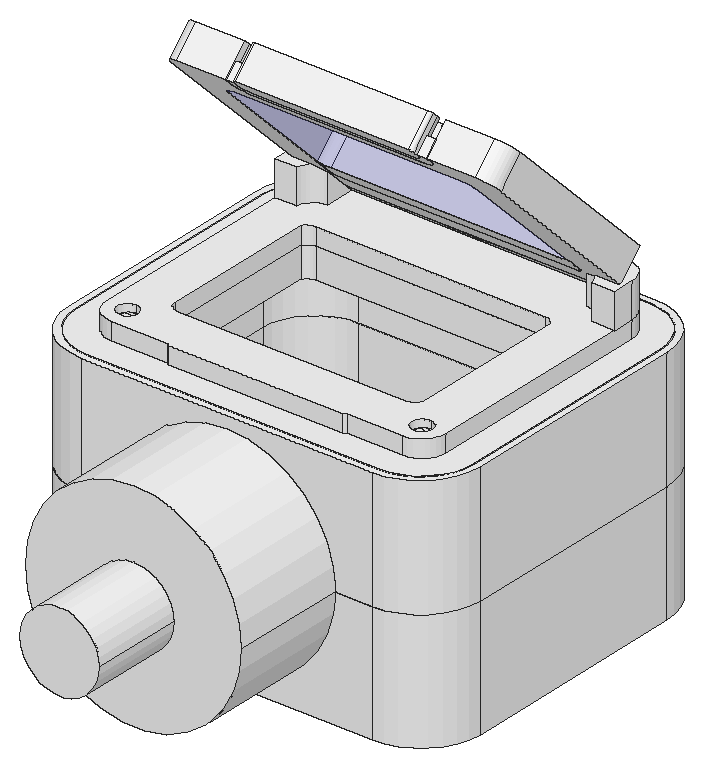
Revit family "Domotics-SerieCivili-GEWISS-27COMBI_SYSTEM-IP55_TESTA_PALO", category Apparecchi elettrici, host Superficie, Revit 2016
Family settings
  Host = Superficie
  Mantenere orientamento annotazione = No
  Tipo di parte = Normale
  Quota connettore circolare = Usa diametro
  Numero OmniClass = 23.80.30.14.24
  Titolo OmniClass = Junction Boxes
  Taglio con vuoti quando caricato = Sì
  Condiviso = No
  Punto di calcolo locali = No
Parameters (values of type "GW27056 - 3 posti - Testa palo")
  Viti coperchio = "Acciaio inox"
  Versione file RFA = "19.4"
  URL = "https://www.gewiss.com/it/it"
  Tipo portella = "Con membrana"
  Termopressione con biglia = "70 °C"
  Temperatura di installazione = "-25 +60 °C"
  Scheda Tecnica = "https://www.gewiss.com/it/it/search?q=GW27056"
  SPORTELLO APERTO [instance] = yes
  SEO = "Contenitore"
  Resistenza agli urti = "IK07"
  Produttore = "GEWISS S.p.A."
  Per pali Ã˜ = "54-60MM"
  Offset = 0 mm
  Norma di riferimento: = "EN 60670-1"
  N. moduli SYSTEM = "3 posti"
  N. fori aperti = "1"
  Modello = "GW27056"
  IFC.TypeObject = ""
  IFC.ExportType = ""
  IFC.ExportAs = ""
  Default Elevation = 1219.2 mm
  Immagine tipo = gw27056.jpg
  IDT = "95c7bd8d-86a8-4c38-ba26-845f677c2e43"
  IDF = "a400302d-f7e7-4da5-b7d5-d8016424dfc8"
  Grado di protezione = "IP55"
  Glow Wire Test = "650°C"
  Fissaggio = "Testa palo"
  Dim. esterne BxHxP (mm) = "122x149x85"
  Descrizione: = "3 posti"
  Descrizione = "CONT.3 POSTI STAGNO FISS.TESTA PALO"
  Creato da GEWISS S.p.A. = ""
  Coppia serraggio viti = "0,8NM"
  Colore portella = "Trasparente"
  Colore = "Grigio RAL 7035"
  Codice Electrocod = "0212"
  Codice EAN = "8011564055421"
  Classe isolamento = "II"
  Catalogo Serie = "27COMBI"
  Catalogo = "DOMOTICS"
  COBie.Tagnumber = ""
  COBie.CreatedOn = ""
  COBie.CreatebBy = ""
  COBie.ComponentRegisterItemID = ""
  COBie.Component.TagNumber = ""
  COBie.Component.Space = ""
  COBie.Component.SerialNumber = ""
  COBie.Component.InstallationDate = ""
  COBie.Component.Description = ""
  COBie.Component.BarCode = ""
Reference planes
  plane 1 "Centro (Fronte/Retro)": y = 0
  plane 2: z = 0
  plane 3 "Centro (Sinistra/Destra)": x = 0
  plane 4: z = 0
  plane 5: x = -60
  plane 6: x = 60
  plane 7: y = -51.5
  plane 8: y = 51.5
  plane 9: z = 66
Lines and regions (mm)
  Masking region 1
    outline origin (0, 0, 0) x (1, 0, 0) y (0, 0, 1)
      loop
        line (-60, 66) -> (-60, 0) -> (60, 0) -> (60, 66) -> (-60, 66)
  Masking region 2
    outline origin (0, 0, 0) x (0, 1, 0) y (0, 0, 1)
      loop
        line (-51.5, 66) -> (-51.5, 0) -> (51.5, 0) -> (51.5, 66) -> (-51.5, 66)
  Masking region 3
    outline origin (0, 0, 0) x (1, 0, 0) y (0, 1, 0)
      loop
        arc (60, 34) -> (54.874, 46.374) -> (42.5, 51.5) r 17.5
        line (42.5, 51.5) -> (-42.5, 51.5)
        arc (-42.5, 51.5) -> (-54.874, 46.374) -> (-60, 34) r 17.5
        line (-60, 34) -> (-60, -34)
        arc (-60, -34) -> (-54.874, -46.374) -> (-42.5, -51.5) r 17.5
        line (-42.5, -51.5) -> (42.5, -51.5)
        arc (42.5, -51.5) -> (54.874, -46.374) -> (60, -34) r 17.5
        line (60, -34) -> (60, 34)
      loop
        arc (56.306, 34.157) -> (52.271, 43.898) -> (42.529, 47.933) r 13.777
        line (42.529, 47.933) -> (-42.496, 47.933)
        arc (-42.496, 47.933) -> (-51.949, 44.221) -> (-56.35, 35.067) r 13.891
        line (-56.35, 35.067) -> (-56.35, -34)
        arc (-56.35, -34) -> (-52.293, -43.793) -> (-42.5, -47.85) r 13.85
        line (-42.5, -47.85) -> (42.5, -47.85)
        arc (42.5, -47.85) -> (52.675, -43.395) -> (56.306, -32.898) r 13.85
        line (56.306, -32.898) -> (56.306, 34.157)
      loop
        line (26.425, -40.831) -> (42.763, -40.831)
        arc (42.763, -40.831) -> (47.713, -38.781) -> (49.763, -33.831) r 7
        line (49.763, -33.831) -> (49.763, 34.169)
        arc (49.763, 34.169) -> (47.713, 39.118) -> (42.763, 41.169) r 7
        line (42.763, 41.169) -> (-42.237, 41.169)
        arc (-42.237, 41.169) -> (-47.186, 39.118) -> (-49.237, 34.169) r 7
        line (-49.237, 34.169) -> (-49.237, -33.831)
        arc (-49.237, -33.831) -> (-47.186, -38.781) -> (-42.237, -40.831) r 7
        line (-42.237, -40.831) -> (-25.898, -40.831)
        arc (-25.898, -40.831) -> (-25.533, -41.192) -> (-25.037, -41.324) r 1
        line (-25.037, -41.324) -> (25.563, -41.324)
        arc (25.563, -41.324) -> (26.06, -41.192) -> (26.425, -40.831) r 1
      loop
        circle (-17.337, -38.622) r 1
      loop
        circle (-8.537, -38.622) r 1
      loop
        circle (0.263, -38.622) r 1
      loop
        circle (9.063, -38.622) r 1
      loop
        circle (17.863, -38.622) r 1
      loop
        circle (43.263, -34.331) r 3
      loop
        circle (-42.737, -34.331) r 3
      loop
        circle (-42.737, 34.669) r 3
      loop
        circle (43.263, 34.669) r 3
      loop
        arc (-33.5, 30.169) -> (-35.621, 29.29) -> (-36.5, 27.169) r 3
        line (-36.5, 27.169) -> (-36.5, -24.831)
        arc (-36.5, -24.831) -> (-35.621, -26.953) -> (-33.5, -27.831) r 3
        line (-33.5, -27.831) -> (33.5, -27.831)
        arc (33.5, -27.831) -> (35.621, -26.953) -> (36.5, -24.831) r 3
        line (36.5, -24.831) -> (36.5, 27.169)
        arc (36.5, 27.169) -> (35.621, 29.29) -> (33.5, 30.169) r 3
        line (33.5, 30.169) -> (-33.5, 30.169)
      loop
        line (34.65, 19.669) -> (-34.65, 19.669) -> (-34.65, -25.331) -> (34.65, -25.331) -> (34.65, 19.669)
      loop
        line (11.59, -85.533) -> (-11.59, -85.533) -> (-11.59, -112.5) -> (11.59, -112.5) -> (11.59, -85.533)
  Masking region 4
    outline origin (0, 0, 0) x (1, 0, 0) y (0, 1, 0)
      loop
        line (42.529, 47.933) -> (-42.496, 47.933)
        arc (-42.496, 47.933) -> (-51.949, 44.221) -> (-56.35, 35.067) r 13.891
        line (-56.35, 35.067) -> (-56.35, -34)
        arc (-56.35, -34) -> (-52.293, -43.793) -> (-42.5, -47.85) r 13.85
        line (-42.5, -47.85) -> (42.5, -47.85)
        arc (42.5, -47.85) -> (52.675, -43.395) -> (56.306, -32.898) r 13.85
        line (56.306, -32.898) -> (56.306, 34.157)
        arc (56.306, 34.157) -> (52.271, 43.898) -> (42.529, 47.933) r 13.777
      loop
        line (42.763, 41.169) -> (-42.237, 41.169)
        arc (-42.237, 41.169) -> (-47.186, 39.118) -> (-49.237, 34.169) r 7
        line (-49.237, 34.169) -> (-49.237, -33.831)
        arc (-49.237, -33.831) -> (-47.186, -38.781) -> (-42.237, -40.831) r 7
        line (-42.237, -40.831) -> (-25.898, -40.831)
        arc (-25.898, -40.831) -> (-25.533, -41.192) -> (-25.037, -41.324) r 1
        line (-25.037, -41.324) -> (25.563, -41.324)
        arc (25.563, -41.324) -> (26.06, -41.192) -> (26.425, -40.831) r 1
        line (26.425, -40.831) -> (42.763, -40.831)
        arc (42.763, -40.831) -> (47.713, -38.781) -> (49.763, -33.831) r 7
        line (49.763, -33.831) -> (49.763, 34.169)
        arc (49.763, 34.169) -> (47.713, 39.118) -> (42.763, 41.169) r 7
  Masking region 5
    outline origin (0, 0, 0) x (1, 0, 0) y (0, 1, 0)
      loop
        line (-37.737, 41.169) -> (-42.237, 41.169)
        arc (-42.237, 41.169) -> (-47.186, 39.118) -> (-49.237, 34.169) r 7
        line (-49.237, 34.169) -> (-49.237, 27.637)
        arc (-49.237, 27.637) -> (-46.111, 27.71) -> (-42.986, 27.836) r 185.778
        arc (-42.986, 27.836) -> (-41.206, 31.123) -> (-37.737, 32.513) r 5.5
        line (-37.737, 32.513) -> (-37.737, 41.169)
      loop
        line (49.763, 27.16) -> (49.763, 34.169)
        arc (49.763, 34.169) -> (47.713, 39.118) -> (42.763, 41.169) r 7
        line (42.763, 41.169) -> (38.063, 41.169) -> (38.063, 32.217)
        arc (38.063, 32.217) -> (41.631, 30.811) -> (43.264, 27.342) r 5.2
        arc (43.264, 27.342) -> (46.513, 27.221) -> (49.763, 27.16) r 177.869
      loop
        circle (-42.737, 34.669) r 3
      loop
        circle (43.263, 34.669) r 3
      loop
        arc (-33.5, 30.169) -> (-35.621, 29.29) -> (-36.5, 27.169) r 3
        line (-36.5, 27.169) -> (-36.5, 20.971)
        arc (-36.5, 20.971) -> (-35.223, 22.215) -> (-33.5, 22.669) r 3.5
        line (-33.5, 22.669) -> (33.5, 22.669)
        arc (33.5, 22.669) -> (35.223, 22.215) -> (36.5, 20.971) r 3.5
        line (36.5, 20.971) -> (36.5, 27.169)
        arc (36.5, 27.169) -> (35.621, 29.29) -> (33.5, 30.169) r 3
        line (33.5, 30.169) -> (-33.5, 30.169)
  Masking region 6
    outline origin (0, 0, 0) x (1, 0, 0) y (0, 1, 0)
      loop
        arc (-23.037, -35.165) -> (-25.158, -36.044) -> (-26.037, -38.165) r 3
        line (-26.037, -38.165) -> (-26.037, -40.324)
        arc (-26.037, -40.324) -> (-25.744, -41.031) -> (-25.037, -41.324) r 1
        line (-25.037, -41.324) -> (25.563, -41.324)
        arc (25.563, -41.324) -> (26.271, -41.031) -> (26.563, -40.324) r 1
        line (26.563, -40.324) -> (26.563, -38.165)
        arc (26.563, -38.165) -> (25.685, -36.044) -> (23.563, -35.165) r 3
        line (23.563, -35.165) -> (-23.037, -35.165)
      loop
        circle (-17.337, -38.622) r 1
      loop
        circle (-8.537, -38.622) r 1
      loop
        circle (0.263, -38.622) r 1
      loop
        circle (9.063, -38.622) r 1
      loop
        circle (17.863, -38.622) r 1
      loop
        arc (-47.7, 27.667) -> (-48.468, 27.65) -> (-49.237, 27.637) r 185.778
        line (-49.237, 27.637) -> (-49.237, -33.831)
        arc (-49.237, -33.831) -> (-47.186, -38.781) -> (-42.237, -40.831) r 7
        line (-42.237, -40.831) -> (-29.037, -40.831) -> (-29.037, -39.2) -> (-38.5, -39.2)
        arc (-38.5, -39.2) -> (-39.207, -38.907) -> (-39.5, -38.2) r 1
        line (-39.5, -38.2) -> (-39.5, -34.5)
        arc (-39.5, -34.5) -> (-40.525, -32.025) -> (-43, -31) r 3.5
        line (-43, -31) -> (-46.7, -31)
        arc (-46.7, -31) -> (-47.407, -30.707) -> (-47.7, -30) r 1
        line (-47.7, -30) -> (-47.7, 27.667)
      loop
        line (29.563, -40.831) -> (42.763, -40.831)
        arc (42.763, -40.831) -> (47.713, -38.781) -> (49.763, -33.831) r 7
        line (49.763, -33.831) -> (49.763, 27.16)
        arc (49.763, 27.16) -> (48.732, 27.173) -> (47.7, 27.192) r 177.869
        line (47.7, 27.192) -> (47.7, -30)
        arc (47.7, -30) -> (47.407, -30.707) -> (46.7, -31) r 1
        line (46.7, -31) -> (43, -31)
        arc (43, -31) -> (40.525, -32.025) -> (39.5, -34.5) r 3.5
        line (39.5, -34.5) -> (39.5, -38.2)
        arc (39.5, -38.2) -> (39.207, -38.907) -> (38.5, -39.2) r 1
        line (38.5, -39.2) -> (29.563, -39.2) -> (29.563, -40.831)
      loop
        circle (-42.737, -34.331) r 3
      loop
        circle (43.263, -34.331) r 3
      loop
        line (38.063, 38.269) -> (38.063, 41.169) -> (-37.737, 41.169) -> (-37.737, 38.268)
        arc (-37.737, 38.268) -> (0.163, 39.169) -> (38.063, 38.269) r 798.156
  Masking region 7
    outline origin (0, 0, 0) x (1, 0, 0) y (0, 1, 0)
      loop
        line (-31.618, -85.533) -> (31.618, -85.533) -> (31.618, -51.5) -> (-31.618, -51.5) -> (-31.618, -85.533)
  Masking region 8
    outline origin (0, 0, 0) x (1, 0, 0) y (0, 1, 0)
      loop
        circle (-42.737, 34.669) r 3
      loop
        circle (43.263, 34.669) r 3
      loop
        circle (43.263, -34.331) r 3
      loop
        circle (-42.737, -34.331) r 3
      loop
        arc (33.5, -27.831) -> (35.621, -26.953) -> (36.5, -24.831) r 3
        line (36.5, -24.831) -> (36.5, 20.971)
        arc (36.5, 20.971) -> (35.223, 22.215) -> (33.5, 22.669) r 3.5
        line (33.5, 22.669) -> (-33.5, 22.669)
        arc (-33.5, 22.669) -> (-35.223, 22.215) -> (-36.5, 20.971) r 3.5
        line (-36.5, 20.971) -> (-36.5, -24.831)
        arc (-36.5, -24.831) -> (-35.621, -26.953) -> (-33.5, -27.831) r 3
        line (-33.5, -27.831) -> (33.5, -27.831)
      loop
        line (-34.65, -25.331) -> (34.65, -25.331) -> (34.65, 19.669) -> (-34.65, 19.669) -> (-34.65, -25.331)
      loop
        circle (-17.337, -38.622) r 1
      loop
        circle (-8.537, -38.622) r 1
      loop
        circle (0.263, -38.622) r 1
      loop
        circle (9.063, -38.622) r 1
      loop
        circle (17.863, -38.622) r 1
Dimensions and locks
  "Offset": plane 4 to host face
  locked: plane 9 to plane 4 at 66
  aligned and locked: plane 2 to host face
  aligned and locked: level to host face
  aligned and locked: plane 3 "Centro (Sinistra/Destra)" to nested 1
  aligned and locked: plane 1 "Centro (Fronte/Retro)" to nested 1
  aligned and locked: Masking region 1 sketch curve to plane 9
  aligned and locked: plane 5 to Masking region 1 sketch curve
  aligned and locked: Masking region 1 sketch curve to nested 1
  aligned and locked: Masking region 2 sketch curve to plane 9
  aligned and locked: plane 7 to Masking region 2 sketch curve
  aligned and locked: Masking region 2 sketch curve to nested 1
  aligned and locked: plane 4 to Masking region 2 sketch curve
  aligned and locked: plane 4 to Masking region 1 sketch curve
Automatic sketch dimensions
  host sketch curve to host sketch curve = 2438.4 mm  (x2)
  plane 5 to Masking region 4 sketch curve = 3.65 mm
  Masking region 4 sketch curve to Masking region 4 sketch curve = 7.113 mm
  plane 7 to Masking region 4 sketch curve = 3.65 mm
  Masking region 4 sketch curve to Masking region 4 sketch curve = 6.737 mm
  Masking region 4 sketch curve to Masking region 4 sketch curve = 6.741 mm
  Masking region 4 sketch curve to Masking region 4 sketch curve = 0.263 mm  (x2)
  Masking region 4 sketch curve to Masking region 4 sketch curve = 0.259 mm
  plane 7 to Masking region 4 sketch curve = 10.669 mm
  Masking region 4 sketch curve to Masking region 4 sketch curve = 16.338 mm
  Masking region 4 sketch curve to Masking region 4 sketch curve = 0.862 mm  (x2)
  plane 3 "Centro (Sinistra/Destra)" to Masking region 4 sketch curve = 25.563 mm
  Masking region 4 sketch curve to Masking region 4 sketch curve = 16.075 mm
  Masking region 4 sketch curve to plane 8 = 3.567 mm
  Masking region 4 sketch curve to plane 6 = 17.471 mm
  Masking region 4 sketch curve to Masking region 4 sketch curve = 0.235 mm
  Masking region 4 sketch curve to Masking region 4 sketch curve = 7 mm
  Masking region 4 sketch curve to plane 6 = 3.694 mm
  plane 7 to Masking region 4 sketch curve = 10.176 mm
  Masking region 4 sketch curve to Masking region 4 sketch curve = 7.018 mm
  Masking region 4 sketch curve to Masking region 4 sketch curve = 0.169 mm
  Masking region 4 sketch curve to Masking region 4 sketch curve = 13.891 mm
  Masking region 4 sketch curve to Masking region 4 sketch curve = 0.127 mm
  plane 5 to Masking region 5 sketch curve = 7.985 mm
  plane 5 to Masking region 5 sketch curve = 10.763 mm
  Masking region 5 sketch curve to Masking region 5 sketch curve = 6.5 mm  (x2)
  Masking region 5 sketch curve to Masking region 5 sketch curve = 0.5 mm  (x4)
  Masking region 5 sketch curve to Masking region 5 sketch curve = 4.5 mm
  Masking region 5 sketch curve to Masking region 5 sketch curve = 0.189 mm
  Masking region 5 sketch curve to Masking region 5 sketch curve = 1.048 mm
  Masking region 5 sketch curve to Masking region 5 sketch curve = 3 mm  (x4)
  Masking region 5 sketch curve to Masking region 5 sketch curve = 0 mm
  Masking region 5 sketch curve to Masking region 5 sketch curve = 4.563 mm
  Masking region 5 sketch curve to Masking region 5 sketch curve = 1.575 mm
  Masking region 5 sketch curve to Masking region 5 sketch curve = 4.7 mm
  Masking region 5 sketch curve to plane 6 = 8.494 mm
  Masking region 5 sketch curve to plane 1 "Centro (Fronte/Retro)" = 19.169 mm  (x2)
  Masking region 5 sketch curve to Masking region 5 sketch curve = 1.803 mm
  Masking region 5 sketch curve to Masking region 5 sketch curve = 6.045 mm
  Masking region 5 sketch curve to Masking region 5 sketch curve = 4.348 mm
  Masking region 5 sketch curve to Masking region 5 sketch curve = 0.143 mm
  Masking region 5 sketch curve to Masking region 5 sketch curve = 0.152 mm
  Masking region 5 sketch curve to Masking region 5 sketch curve = 0.621 mm
  Masking region 5 sketch curve to Masking region 5 sketch curve = 2.048 mm
  Masking region 5 sketch curve to Masking region 5 sketch curve = 2.345 mm
  Masking region 5 sketch curve to Masking region 5 sketch curve = 1.952 mm
  Masking region 5 sketch curve to Masking region 5 sketch curve = 1.655 mm
  plane 8 to Masking region 5 sketch curve = 153.52 mm
  Masking region 5 sketch curve to Masking region 5 sketch curve = 8.374 mm
  Masking region 6 sketch curve to Masking region 6 sketch curve = 0 mm  (x6)
  plane 5 to Masking region 6 sketch curve = 7.985 mm
  plane 5 to Masking region 6 sketch curve = 10.763 mm
  Masking region 6 sketch curve to Masking region 6 sketch curve = 1.537 mm
  Masking region 6 sketch curve to Masking region 6 sketch curve = 1 mm  (x7)
  Masking region 6 sketch curve to Masking region 6 sketch curve = 3.7 mm  (x4)
  Masking region 6 sketch curve to Masking region 6 sketch curve = 0.263 mm  (x2)
  Masking region 6 sketch curve to Masking region 6 sketch curve = 0.763 mm
  Masking region 6 sketch curve to Masking region 6 sketch curve = 2.737 mm  (x2)
  Masking region 6 sketch curve to Masking region 6 sketch curve = 9.963 mm
  Masking region 6 sketch curve to Masking region 6 sketch curve = 9.463 mm
  Masking region 6 sketch curve to Masking region 6 sketch curve = 3 mm  (x3)
  Masking region 6 sketch curve to Masking region 6 sketch curve = 5.7 mm  (x2)
  Masking region 6 sketch curve to plane 3 "Centro (Sinistra/Destra)" = 8.537 mm
  plane 3 "Centro (Sinistra/Destra)" to Masking region 6 sketch curve = 0.17 mm
  plane 3 "Centro (Sinistra/Destra)" to Masking region 6 sketch curve = 0.263 mm
  Masking region 6 sketch curve to Masking region 6 sketch curve = 8.8 mm  (x2)
  Masking region 6 sketch curve to Masking region 6 sketch curve = 2 mm
  Masking region 6 sketch curve to plane 8 = 10.331 mm
  Masking region 6 sketch curve to plane 6 = 21.937 mm
  Masking region 6 sketch curve to Masking region 6 sketch curve = 8.937 mm
  Masking region 6 sketch curve to Masking region 6 sketch curve = 3.263 mm
  Masking region 6 sketch curve to Masking region 6 sketch curve = 0.237 mm
  Masking region 6 sketch curve to Masking region 6 sketch curve = 3.063 mm
  Masking region 6 sketch curve to plane 6 = 8.494 mm
  Masking region 6 sketch curve to Masking region 6 sketch curve = 2.9 mm
  Masking region 6 sketch curve to Masking region 6 sketch curve = 10.601 mm
  Masking region 6 sketch curve to Masking region 6 sketch curve = 0.029 mm
  Masking region 6 sketch curve to Masking region 6 sketch curve = 11.077 mm
  Masking region 6 sketch curve to Masking region 6 sketch curve = 0.032 mm
  plane 7 to Masking region 6 sketch curve = 21.5 mm  (x2)
  Masking region 6 sketch curve to Masking region 6 sketch curve = 0.669 mm
  Masking region 6 sketch curve to Masking region 6 sketch curve = 2.831 mm
  Masking region 6 sketch curve to Masking region 6 sketch curve = 0.169 mm  (x2)
  Masking region 6 sketch curve to Masking region 6 sketch curve = 5.666 mm
  plane 7 to Masking region 6 sketch curve = 12.878 mm
  Masking region 6 sketch curve to Masking region 6 sketch curve = 0.457 mm  (x2)
  Masking region 6 sketch curve to Masking region 6 sketch curve = 2.158 mm
  Masking region 6 sketch curve to plane 7 = 707.488 mm
  Masking region 3 sketch curve to Masking region 3 sketch curve = 0 mm  (x6)
  Masking region 3 sketch curve to plane 5 = 0 mm
  Masking region 3 sketch curve to plane 7 = 0 mm
  Masking region 3 sketch curve to plane 6 = 0 mm
  plane 5 to Masking region 3 sketch curve = 3.65 mm
  Masking region 3 sketch curve to Masking region 3 sketch curve = 7.113 mm
  Masking region 3 sketch curve to Masking region 3 sketch curve = 6.5 mm  (x3)
  Masking region 3 sketch curve to Masking region 3 sketch curve = 0.237 mm  (x2)
  Masking region 3 sketch curve to plane 8 = 0 mm
  Masking region 3 sketch curve to Masking region 3 sketch curve = 0.004 mm
  Masking region 3 sketch curve to Masking region 3 sketch curve = 0.259 mm
  Masking region 3 sketch curve to Masking region 3 sketch curve = 0.5 mm  (x6)
  Masking region 3 sketch curve to Masking region 3 sketch curve = 5.737 mm
  Masking region 3 sketch curve to Masking region 3 sketch curve = 1.85 mm
  Masking region 3 sketch curve to Masking region 3 sketch curve = 3 mm  (x2)
  Masking region 3 sketch curve to Masking region 3 sketch curve = 1.15 mm  (x2)
  Masking region 3 sketch curve to Masking region 3 sketch curve = 7.602 mm
  Masking region 3 sketch curve to Masking region 3 sketch curve = 0.862 mm  (x2)
  Masking region 3 sketch curve to Masking region 3 sketch curve = 7.7 mm  (x2)
  Masking region 3 sketch curve to plane 3 "Centro (Sinistra/Destra)" = 11.59 mm
  Masking region 3 sketch curve to plane 3 "Centro (Sinistra/Destra)" = 8.537 mm
  plane 3 "Centro (Sinistra/Destra)" to Masking region 3 sketch curve = 0.263 mm
  Masking region 3 sketch curve to Masking region 3 sketch curve = 8.8 mm  (x2)
  plane 3 "Centro (Sinistra/Destra)" to Masking region 3 sketch curve = 11.59 mm
  Masking region 3 sketch curve to Masking region 3 sketch curve = 7.937 mm
  Masking region 3 sketch curve to plane 6 = 26.5 mm
  Masking region 3 sketch curve to Masking region 3 sketch curve = 9 mm
  Masking region 3 sketch curve to plane 6 = 17.5 mm
  Masking region 3 sketch curve to Masking region 3 sketch curve = 0.029 mm
  Masking region 3 sketch curve to Masking region 3 sketch curve = 0.235 mm
  Masking region 3 sketch curve to Masking region 3 sketch curve = 0.263 mm
  Masking region 3 sketch curve to plane 6 = 3.694 mm
  Masking region 3 sketch curve to plane 7 = 61 mm
  Masking region 3 sketch curve to Masking region 3 sketch curve = 3.65 mm
  plane 7 to Masking region 3 sketch curve = 10.176 mm
  Masking region 3 sketch curve to Masking region 3 sketch curve = 6.831 mm
  Masking region 3 sketch curve to Masking region 3 sketch curve = 0.492 mm
  Masking region 3 sketch curve to Masking region 3 sketch curve = 1.701 mm  (x2)
  Masking region 3 sketch curve to Masking region 3 sketch curve = 0.331 mm
  Masking region 3 sketch curve to Masking region 3 sketch curve = 6 mm
  Masking region 3 sketch curve to Masking region 3 sketch curve = 14.331 mm
  Masking region 3 sketch curve to Masking region 3 sketch curve = 7.5 mm
  Masking region 3 sketch curve to Masking region 3 sketch curve = 0.042 mm
  Masking region 3 sketch curve to Masking region 3 sketch curve = 0.157 mm
  Masking region 3 sketch curve to Masking region 3 sketch curve = 0.169 mm
  Masking region 3 sketch curve to Masking region 3 sketch curve = 0.627 mm
  Masking region 3 sketch curve to Masking region 3 sketch curve = 26.967 mm
  Masking region 7 sketch curve to plane 7 = 0 mm
  plane 5 to Masking region 7 sketch curve = 28.382 mm
  Masking region 7 sketch curve to plane 6 = 28.382 mm
  Masking region 7 sketch curve to Masking region 7 sketch curve = 34.033 mm
  Masking region 5 sketch curve to plane 6 = 26.5 mm
  plane 5 to Masking region 8 sketch curve = 17.263 mm  (x2)
  Masking region 8 sketch curve to plane 8 = 16.831 mm  (x2)
  Masking region 8 sketch curve to Masking region 8 sketch curve = 3 mm  (x6)
  Masking region 8 sketch curve to plane 6 = 16.737 mm  (x2)
  plane 7 to Masking region 8 sketch curve = 17.169 mm  (x2)
  Masking region 8 sketch curve to Masking region 8 sketch curve = 3.237 mm
  Masking region 8 sketch curve to Masking region 8 sketch curve = 6.763 mm
  Masking region 8 sketch curve to Masking region 8 sketch curve = 6.5 mm
  Masking region 8 sketch curve to Masking region 8 sketch curve = 13.697 mm
  Masking region 8 sketch curve to Masking region 8 sketch curve = 1.15 mm  (x3)
  Masking region 8 sketch curve to Masking region 8 sketch curve = 0.5 mm  (x3)
  Masking region 8 sketch curve to Masking region 8 sketch curve = 1.85 mm
  Masking region 8 sketch curve to Masking region 8 sketch curve = 1.803 mm
  Masking region 8 sketch curve to plane 3 "Centro (Sinistra/Destra)" = 17.337 mm
  plane 7 to Masking region 8 sketch curve = 12.878 mm
  Masking region 8 sketch curve to Masking region 8 sketch curve = 1 mm  (x4)
  Masking region 8 sketch curve to Masking region 8 sketch curve = 7.8 mm  (x3)
  Masking region 8 sketch curve to Masking region 8 sketch curve = 0 mm  (x6)
  plane 3 "Centro (Sinistra/Destra)" to Masking region 8 sketch curve = 0.263 mm
  Masking region 8 sketch curve to plane 3 "Centro (Sinistra/Destra)" = 0.737 mm
  radius of Masking region 5 sketch curve = 3 mm
  radius of Masking region 6 sketch curve = 1 mm  (x4)
  radius of Masking region 6 sketch curve = 3 mm
  radius of Masking region 3 sketch curve = 1 mm  (x5)
  radius of Masking region 3 sketch curve = 3 mm  (x4)
Nested families
  nested 1: "SYSTEM CONTENITORI IP55 3P TESTAPALO_BASE" at (0, 0, 0), Sportello aperto <- "SPORTELLO APERTO", type "SYSTEM CONTENITORI IP55 3P TESTAPALO_BASE"
    with Sportello chiuso no, Sportello aperto yes
Definition of nested family "SYSTEM CONTENITORI IP55 3P TESTAPALO_BASE"
  Parameters (values of type "SYSTEM CONTENITORI IP55 3P TESTAPALO_BASE")
    VETRO = none
    Sportello chiuso [instance] = not(Sportello aperto)  # no
    Sportello aperto [instance] = yes
    SCATOLA = none
    Profondità scatola = 85 mm
    Larghezza scatola = 120 mm
    Altezza scatola = 103 mm
    ACCIAIO = none
  Reference planes
    plane 1 "Centro (Fronte/Retro)": y = 0
    plane 2: z = 0
    plane 3 "Centro (Sinistra/Destra)": x = 0
    plane 4: x = -60
    plane 5: x = 60
    plane 6: y = 51.5
    plane 7: y = -51.5
    plane 8: z = 35
    plane 9: z = 75
    plane 10 "1": y = 34.669
    plane 11 "PIANO BIDIMENSIONALE": z = 70
    plane 12: z = 73
  Forms (mm)
    Extrusion 1, solid, material <- "SCATOLA", detail levels medium+fine
      sketch origin (0, 0, 85) x (0, -1, 0) y (1, 0, 0)
        loop
          line (-51.5, 42.5) -> (-51.5, -42.5)
          arc (-51.5, -42.5) -> (-46.374, -54.874) -> (-34, -60) r 17.5
          line (-34, -60) -> (34, -60)
          arc (34, -60) -> (46.374, -54.874) -> (51.5, -42.5) r 17.5
          line (51.5, -42.5) -> (51.5, 42.5)
          arc (51.5, 42.5) -> (46.374, 54.874) -> (34, 60) r 17.5
          line (34, 60) -> (-34, 60)
          arc (-34, 60) -> (-46.374, 54.874) -> (-51.5, 42.5) r 17.5
        loop
          line (-49.5, 42.5) -> (-49.5, -42.5)
          arc (-49.5, -42.5) -> (-44.96, -53.46) -> (-34, -58) r 15.5
          line (-34, -58) -> (34, -58)
          arc (34, -58) -> (44.96, -53.46) -> (49.5, -42.5) r 15.5
          line (49.5, -42.5) -> (49.5, 42.5)
          arc (49.5, 42.5) -> (44.96, 53.46) -> (34, 58) r 15.5
          line (34, 58) -> (-34, 58)
          arc (-34, 58) -> (-44.96, 53.46) -> (-49.5, 42.5) r 15.5
      from -85 to -50
    Extrusion 2, solid, material <- "SCATOLA", detail levels medium+fine
      sketch origin (0, 0, 85) x (0, -1, 0) y (1, 0, 0)
        loop
          arc (-49.5, -42.5) -> (-44.96, -53.46) -> (-34, -58) r 15.5
          line (-34, -58) -> (34, -58)
          arc (34, -58) -> (44.96, -53.46) -> (49.5, -42.5) r 15.5
          line (49.5, -42.5) -> (49.5, 42.5)
          arc (49.5, 42.5) -> (44.96, 53.46) -> (34, 58) r 15.5
          line (34, 58) -> (-34, 58)
          arc (-34, 58) -> (-44.96, 53.46) -> (-49.5, 42.5) r 15.5
          line (-49.5, 42.5) -> (-49.5, -42.5)
      from -85 to -83
    Extrusion 3, solid, material <- "SCATOLA", detail levels medium+fine
      sketch origin (0, 0, 85) x (0, -1, 0) y (1, 0, 0)
        loop
          line (-51.5, 42.5) -> (-51.5, -42.5)
          arc (-51.5, -42.5) -> (-46.374, -54.874) -> (-34, -60) r 17.5
          line (-34, -60) -> (34, -60)
          arc (34, -60) -> (46.374, -54.874) -> (51.5, -42.5) r 17.5
          line (51.5, -42.5) -> (51.5, 42.5)
          arc (51.5, 42.5) -> (46.374, 54.874) -> (34, 60) r 17.5
          line (34, 60) -> (-34, 60)
          arc (-34, 60) -> (-46.374, 54.874) -> (-51.5, 42.5) r 17.5
        loop
          line (-49.5, 42.5) -> (-49.5, -42.5)
          arc (-49.5, -42.5) -> (-44.96, -53.46) -> (-34, -58) r 15.5
          line (-34, -58) -> (34, -58)
          arc (34, -58) -> (44.96, -53.46) -> (49.5, -42.5) r 15.5
          line (49.5, -42.5) -> (49.5, 42.5)
          arc (49.5, 42.5) -> (44.96, 53.46) -> (34, 58) r 15.5
          line (34, 58) -> (-34, 58)
          arc (-34, 58) -> (-44.96, 53.46) -> (-49.5, 42.5) r 15.5
      from -50 to -15
    Extrusion 4, solid, material <- "SCATOLA", detail levels medium+fine
      sketch origin (0, 0, 85) x (0, -1, 0) y (1, 0, 0)
        loop
          line (40.831, -42.237) -> (40.831, -25.898)
          arc (40.831, -25.898) -> (41.192, -25.533) -> (41.324, -25.037) r 1
          line (41.324, -25.037) -> (41.324, 25.563)
          arc (41.324, 25.563) -> (41.192, 26.06) -> (40.831, 26.425) r 1
          line (40.831, 26.425) -> (40.831, 42.763)
          arc (40.831, 42.763) -> (38.781, 47.713) -> (33.831, 49.763) r 7
          line (33.831, 49.763) -> (-34.169, 49.763)
          arc (-34.169, 49.763) -> (-39.118, 47.713) -> (-41.169, 42.763) r 7
          line (-41.169, 42.763) -> (-41.169, -42.237)
          arc (-41.169, -42.237) -> (-39.118, -47.186) -> (-34.169, -49.237) r 7
          line (-34.169, -49.237) -> (33.831, -49.237)
          arc (33.831, -49.237) -> (38.781, -47.186) -> (40.831, -42.237) r 7
        loop
          circle (-34.669, -42.737) r 3
        loop
          circle (-34.669, 42.737) r 3
        loop
          circle (34.331, -42.737) r 3
        loop
          circle (34.331, 43.263) r 3
        loop
          arc (-22.669, -33.5) -> (-22.215, -35.223) -> (-20.971, -36.5) r 3.5
          line (-20.971, -36.5) -> (24.831, -36.5)
          arc (24.831, -36.5) -> (26.953, -35.621) -> (27.831, -33.5) r 3
          line (27.831, -33.5) -> (27.831, 33.5)
          arc (27.831, 33.5) -> (26.953, 35.621) -> (24.831, 36.5) r 3
          line (24.831, 36.5) -> (-20.971, 36.5)
          arc (-20.971, 36.5) -> (-22.215, 35.223) -> (-22.669, 33.5) r 3.5
          line (-22.669, 33.5) -> (-22.669, -33.5)
      from -15 to -10
    Extrusion 5, solid, material <- "SCATOLA", visible <- "Sportello chiuso", detail levels medium+fine
      sketch origin (0, 0, 85) x (0, -1, 0) y (1, 0, 0)
        loop
          arc (34.465, -47.7) -> (37.514, -46.322) -> (39.2, -43.432) r 5.5
          line (39.2, -43.432) -> (39.2, -29.037) -> (37.188, -29.037)
          arc (37.188, -29.037) -> (34.006, -27.719) -> (32.688, -24.537) r 4.5
          line (32.688, -24.537) -> (32.688, 25.063)
          arc (32.688, 25.063) -> (34.006, 28.245) -> (37.188, 29.563) r 4.5
          line (37.188, 29.563) -> (39.2, 29.563) -> (39.2, 43.958)
          arc (39.2, 43.958) -> (37.272, 47.054) -> (33.831, 48.263) r 5.5
          line (33.831, 48.263) -> (-27.654, 48.263)
          arc (-27.654, 48.263) -> (-27.726, 45.624) -> (-27.836, 42.986) r 185.778
          arc (-27.836, 42.986) -> (-31.123, 41.206) -> (-32.513, 37.737) r 5.5
          line (-32.513, 37.737) -> (-38.284, 37.737)
          arc (-38.284, 37.737) -> (-39.169, 0) -> (-38.268, -37.737) r 798.156
          line (-38.268, -37.737) -> (-32.513, -37.737)
          arc (-32.513, -37.737) -> (-31.123, -41.206) -> (-27.836, -42.986) r 5.5
          arc (-27.836, -42.986) -> (-27.736, -45.343) -> (-27.667, -47.7) r 185.778
          line (-27.667, -47.7) -> (34.465, -47.7)
        loop
          arc (24.831, -36.5) -> (26.953, -35.621) -> (27.831, -33.5) r 3
          line (27.831, -33.5) -> (27.831, 33.5)
          arc (27.831, 33.5) -> (26.953, 35.621) -> (24.831, 36.5) r 3
          line (24.831, 36.5) -> (-27.169, 36.5)
          arc (-27.169, 36.5) -> (-29.29, 35.621) -> (-30.169, 33.5) r 3
          line (-30.169, 33.5) -> (-30.169, -33.5)
          arc (-30.169, -33.5) -> (-29.29, -35.621) -> (-27.169, -36.5) r 3
          line (-27.169, -36.5) -> (24.831, -36.5)
      from -10 to 0
    Extrusion 6, solid, material <- "SCATOLA", visible <- "Sportello chiuso", detail levels medium+fine
      sketch origin (0, 0, 85) x (0, -1, 0) y (1, 0, 0)
        loop
          line (-22.669, -33.5) -> (-22.669, 33.5)
          arc (-22.669, 33.5) -> (-22.215, 35.223) -> (-20.971, 36.5) r 3.5
          line (-20.971, 36.5) -> (-27.169, 36.5)
          arc (-27.169, 36.5) -> (-29.29, 35.621) -> (-30.169, 33.5) r 3
          line (-30.169, 33.5) -> (-30.169, -33.5)
          arc (-30.169, -33.5) -> (-29.29, -35.621) -> (-27.169, -36.5) r 3
          line (-27.169, -36.5) -> (-20.971, -36.5)
          arc (-20.971, -36.5) -> (-22.215, -35.223) -> (-22.669, -33.5) r 3.5
      from -10 to -0.5
    Extrusion 7, solid, material <- "VETRO", visible <- "Sportello chiuso", detail levels medium+fine
      sketch origin (0, 0, 85) x (0, -1, 0) y (1, 0, 0)
        loop
          arc (-22.669, -33.5) -> (-22.215, -35.223) -> (-20.971, -36.5) r 3.5
          line (-20.971, -36.5) -> (24.831, -36.5)
          arc (24.831, -36.5) -> (26.953, -35.621) -> (27.831, -33.5) r 3
          line (27.831, -33.5) -> (27.831, 33.5)
          arc (27.831, 33.5) -> (26.953, 35.621) -> (24.831, 36.5) r 3
          line (24.831, 36.5) -> (-20.971, 36.5)
          arc (-20.971, 36.5) -> (-22.215, 35.223) -> (-22.669, 33.5) r 3.5
          line (-22.669, 33.5) -> (-22.669, -33.5)
      from -10 to 0
    Revolve 8, solid, material <- "ACCIAIO", detail levels medium+fine
      sketch origin (0, 34.669, -1) x (1, 0, 0) y (0, 0, 1)
        loop
          line (-44.978, 84) -> (-42.737, 84) -> (-42.737, 85)
          arc (-42.737, 85) -> (-43.965, 84.742) -> (-44.978, 84) r 2.974
        axis (-42.737, 85) -> (-42.737, 84)
      angle from 0 to 360
    Extrusion 9, solid, material <- "SCATOLA", detail levels medium+fine
      sketch origin (0, 0, 85) x (0, -1, 0) y (1, 0, 0)
        loop
          circle (-34.669, -42.737) r 3
      from -15 to -2
    Revolve 10, solid, material <- "ACCIAIO", detail levels medium+fine
      sketch origin (0, 34.669, -1) x (-1, 0, 0) y (0, 0, 1)
        loop
          line (-44.978, 84) -> (-42.737, 84) -> (-42.737, 85)
          arc (-42.737, 85) -> (-43.965, 84.742) -> (-44.978, 84) r 2.974
        axis (-42.737, 85) -> (-42.737, 84)
      angle from 0 to 360
    Extrusion 11, solid, material <- "SCATOLA", detail levels medium+fine
      sketch origin (0, 0, 85) x (0, -1, 0) y (1, 0, 0)
        loop
          circle (-34.669, 42.737) r 3
      from -15 to -2
    Extrusion 12, solid, material <- "SCATOLA", detail levels medium+fine
      sketch origin (0, 0.337, 85) x (0, 1, 0) y (-1, 0, 0)
        loop
          circle (-34.669, 42.737) r 3
      from -15 to -12
    Extrusion 13, solid, material <- "SCATOLA", detail levels medium+fine
      sketch origin (0.937, 0.337, 85) x (0, 1, 0) y (-1, 0, 0)
        loop
          circle (-34.669, -42.327) r 3
      from -15 to -12
    Extrusion 14, solid, visible <- "Sportello chiuso", detail levels medium+fine
      sketch origin (0, 0, 85) x (0, -1, 0) y (1, 0, 0)
        loop
          arc (35.165, -23.037) -> (36.044, -25.158) -> (38.165, -26.037) r 3
          line (38.165, -26.037) -> (40.324, -26.037)
          arc (40.324, -26.037) -> (41.031, -25.744) -> (41.324, -25.037) r 1
          line (41.324, -25.037) -> (41.324, 25.563)
          arc (41.324, 25.563) -> (41.031, 26.271) -> (40.324, 26.563) r 1
          line (40.324, 26.563) -> (38.165, 26.563)
          arc (38.165, 26.563) -> (36.044, 25.685) -> (35.165, 23.563) r 3
          line (35.165, 23.563) -> (35.165, -23.037)
      from -10 to 0
    Extrusion 15, solid, detail levels medium+fine
      sketch origin (0, 0, 85) x (0, -1, 0) y (1, 0, 0)
        loop
          arc (-32.513, 37.737) -> (-31.123, 41.206) -> (-27.836, 42.986) r 5.5
          arc (-27.836, 42.986) -> (-27.702, 46.374) -> (-27.63, 49.763) r 185.778
          line (-27.63, 49.763) -> (-34.169, 49.763)
          arc (-34.169, 49.763) -> (-39.118, 47.713) -> (-41.169, 42.763) r 7
          line (-41.169, 42.763) -> (-41.169, 37.737) -> (-32.513, 37.737)
        loop
          arc (-41.169, -42.237) -> (-39.118, -47.186) -> (-34.169, -49.237) r 7
          line (-34.169, -49.237) -> (-27.637, -49.237)
          arc (-27.637, -49.237) -> (-27.71, -46.111) -> (-27.836, -42.986) r 185.778
          arc (-27.836, -42.986) -> (-31.123, -41.206) -> (-32.513, -37.737) r 5.5
          line (-32.513, -37.737) -> (-41.169, -37.737) -> (-41.169, -42.237)
        loop
          circle (-34.669, -42.737) r 3
        loop
          circle (-34.669, 42.737) r 3
      from -10 to 0
    SweptBlend 16, solid, material <- "SCATOLA", visible <- "Sportello chiuso", detail levels medium+fine
      path in 3D
        loop
          line (37.737, 41.169, 75) -> (0, 41.169, 75)
      profile origin (37.737, 41.169, 75) x (0, -1, 0) y (0, 0, 1)
        loop
          line (0, 0) -> (2.885, 0) -> (2.885, 10)
          arc (2.885, 10) -> (0.773, 7.886) -> (0, 5) r 5.776
          line (0, 5) -> (0, 0)
      end profile origin (0, 41.169, 75) x (0, -1, 0) y (0, 0, 1)
        loop
          line (0, 0) -> (2, 0) -> (2, 10)
          arc (2, 10) -> (0.519, 7.693) -> (0, 5) r 7.25
          line (0, 5) -> (0, 0)
    SweptBlend 17, solid, material <- "SCATOLA", visible <- "Sportello chiuso", detail levels medium+fine
      path in 3D
        loop
          line (-37.737, 41.169, 75) -> (0, 41.169, 75)
      profile origin (-37.737, 41.169, 75) x (0, 1, 0) y (0, 0, 1)
        loop
          line (0, 0) -> (0, 5)
          arc (0, 5) -> (-0.773, 7.886) -> (-2.885, 10) r 5.776
          line (-2.885, 10) -> (-2.885, 0) -> (0, 0)
      end profile origin (0, 41.169, 75) x (0, 1, 0) y (0, 0, 1)
        loop
          line (0, 0) -> (0, 5)
          arc (0, 5) -> (-0.519, 7.693) -> (-2, 10) r 7.25
          line (-2, 10) -> (-2, 0) -> (0, 0)
    Extrusion 18, solid, visible <- "Sportello chiuso", detail levels medium+fine
      sketch origin (0, 0, 85) x (0, -1, 0) y (1, 0, 0)
        loop
          line (39.2, -29.037) -> (39.2, 29.563) -> (37.188, 29.563)
          arc (37.188, 29.563) -> (34.006, 28.245) -> (32.688, 25.063) r 4.5
          line (32.688, 25.063) -> (32.688, -24.537)
          arc (32.688, -24.537) -> (34.006, -27.719) -> (37.188, -29.037) r 4.5
          line (37.188, -29.037) -> (39.2, -29.037)
      from -10 to -5
    Extrusion 19, solid, material <- "SCATOLA", visible <- "Sportello chiuso", not visible, detail levels medium+fine
      sketch origin (0, 0, 85) x (0, -1, 0) y (1, 0, 0)
        loop
          arc (34.465, -47.7) -> (37.514, -46.322) -> (39.2, -43.432) r 5.5
          line (39.2, -43.432) -> (39.2, -29.037) -> (37.188, -29.037)
          arc (37.188, -29.037) -> (34.006, -27.719) -> (32.688, -24.537) r 4.5
          line (32.688, -24.537) -> (32.688, 25.063)
          arc (32.688, 25.063) -> (34.006, 28.245) -> (37.188, 29.563) r 4.5
          line (37.188, 29.563) -> (39.2, 29.563) -> (39.2, 43.958)
          arc (39.2, 43.958) -> (37.272, 47.054) -> (33.831, 48.263) r 5.5
          line (33.831, 48.263) -> (-27.654, 48.263)
          arc (-27.654, 48.263) -> (-27.726, 45.624) -> (-27.836, 42.986) r 185.778
          arc (-27.836, 42.986) -> (-31.123, 41.206) -> (-32.513, 37.737) r 5.5
          line (-32.513, 37.737) -> (-38.284, 37.737)
          arc (-38.284, 37.737) -> (-39.169, 0) -> (-38.268, -37.737) r 798.156
          line (-38.268, -37.737) -> (-32.513, -37.737)
          arc (-32.513, -37.737) -> (-31.123, -41.206) -> (-27.836, -42.986) r 5.5
          arc (-27.836, -42.986) -> (-27.736, -45.343) -> (-27.667, -47.7) r 185.778
          line (-27.667, -47.7) -> (34.465, -47.7)
        loop
          arc (24.831, -36.5) -> (26.953, -35.621) -> (27.831, -33.5) r 3
          line (27.831, -33.5) -> (27.831, 33.5)
          arc (27.831, 33.5) -> (26.953, 35.621) -> (24.831, 36.5) r 3
          line (24.831, 36.5) -> (-27.169, 36.5)
          arc (-27.169, 36.5) -> (-29.29, 35.621) -> (-30.169, 33.5) r 3
          line (-30.169, 33.5) -> (-30.169, -33.5)
          arc (-30.169, -33.5) -> (-29.29, -35.621) -> (-27.169, -36.5) r 3
          line (-27.169, -36.5) -> (24.831, -36.5)
      from -10 to 0
    Extrusion 20, solid, material <- "SCATOLA", visible <- "Sportello chiuso", not visible, detail levels medium+fine
      sketch origin (0, 0, 85) x (0, -1, 0) y (1, 0, 0)
        loop
          line (-22.669, -33.5) -> (-22.669, 33.5)
          arc (-22.669, 33.5) -> (-22.215, 35.223) -> (-20.971, 36.5) r 3.5
          line (-20.971, 36.5) -> (-27.169, 36.5)
          arc (-27.169, 36.5) -> (-29.29, 35.621) -> (-30.169, 33.5) r 3
          line (-30.169, 33.5) -> (-30.169, -33.5)
          arc (-30.169, -33.5) -> (-29.29, -35.621) -> (-27.169, -36.5) r 3
          line (-27.169, -36.5) -> (-20.971, -36.5)
          arc (-20.971, -36.5) -> (-22.215, -35.223) -> (-22.669, -33.5) r 3.5
      from -10 to -0.5
    Extrusion 21, solid, material <- "VETRO", visible <- "Sportello chiuso", not visible, detail levels medium+fine
      sketch origin (0, 0, 85) x (0, -1, 0) y (1, 0, 0)
        loop
          arc (-22.669, -33.5) -> (-22.215, -35.223) -> (-20.971, -36.5) r 3.5
          line (-20.971, -36.5) -> (24.831, -36.5)
          arc (24.831, -36.5) -> (26.953, -35.621) -> (27.831, -33.5) r 3
          line (27.831, -33.5) -> (27.831, 33.5)
          arc (27.831, 33.5) -> (26.953, 35.621) -> (24.831, 36.5) r 3
          line (24.831, 36.5) -> (-20.971, 36.5)
          arc (-20.971, 36.5) -> (-22.215, 35.223) -> (-22.669, 33.5) r 3.5
          line (-22.669, 33.5) -> (-22.669, -33.5)
      from -10 to 0
    Extrusion 22, solid, visible <- "Sportello chiuso", not visible, detail levels medium+fine
      sketch origin (0, 0, 85) x (0, -1, 0) y (1, 0, 0)
        loop
          arc (35.165, -23.037) -> (36.044, -25.158) -> (38.165, -26.037) r 3
          line (38.165, -26.037) -> (40.324, -26.037)
          arc (40.324, -26.037) -> (41.031, -25.744) -> (41.324, -25.037) r 1
          line (41.324, -25.037) -> (41.324, 25.563)
          arc (41.324, 25.563) -> (41.031, 26.271) -> (40.324, 26.563) r 1
          line (40.324, 26.563) -> (38.165, 26.563)
          arc (38.165, 26.563) -> (36.044, 25.685) -> (35.165, 23.563) r 3
          line (35.165, 23.563) -> (35.165, -23.037)
      from -10 to 0
    SweptBlend 23, solid, material <- "SCATOLA", visible <- "Sportello chiuso", not visible, detail levels medium+fine
      path in 3D
        loop
          line (37.737, 41.169, 75) -> (0, 41.169, 75)
      profile origin (37.737, 41.169, 75) x (0, -1, 0) y (0, 0, 1)
        loop
          line (0, 0) -> (2.885, 0) -> (2.885, 10)
          arc (2.885, 10) -> (0.773, 7.886) -> (0, 5) r 5.776
          line (0, 5) -> (0, 0)
      end profile origin (0, 41.169, 75) x (0, -1, 0) y (0, 0, 1)
        loop
          line (0, 0) -> (2, 0) -> (2, 10)
          arc (2, 10) -> (0.519, 7.693) -> (0, 5) r 7.25
          line (0, 5) -> (0, 0)
    SweptBlend 24, solid, material <- "SCATOLA", visible <- "Sportello chiuso", not visible, detail levels medium+fine
      path in 3D
        loop
          line (-37.737, 41.169, 75) -> (0, 41.169, 75)
      profile origin (-37.737, 41.169, 75) x (0, 1, 0) y (0, 0, 1)
        loop
          line (0, 0) -> (0, 5)
          arc (0, 5) -> (-0.773, 7.886) -> (-2.885, 10) r 5.776
          line (-2.885, 10) -> (-2.885, 0) -> (0, 0)
      end profile origin (0, 41.169, 75) x (0, 1, 0) y (0, 0, 1)
        loop
          line (0, 0) -> (0, 5)
          arc (0, 5) -> (-0.519, 7.693) -> (-2, 10) r 7.25
          line (-2, 10) -> (-2, 0) -> (0, 0)
    Extrusion 25, solid, visible <- "Sportello chiuso", not visible, detail levels medium+fine
      sketch origin (0, 0, 85) x (0, -1, 0) y (1, 0, 0)
        loop
          line (39.2, -29.037) -> (39.2, 29.563) -> (37.188, 29.563)
          arc (37.188, 29.563) -> (34.006, 28.245) -> (32.688, 25.063) r 4.5
          line (32.688, 25.063) -> (32.688, -24.537)
          arc (32.688, -24.537) -> (34.006, -27.719) -> (37.188, -29.037) r 4.5
          line (37.188, -29.037) -> (39.2, -29.037)
      from -10 to -5
    Extrusion 26, solid, material <- "SCATOLA", visible <- "Sportello aperto", detail levels medium+fine
      sketch origin (0, 19.129, 111.182) x (0, -0.707107, 0.707107) y (1, 0, 0)
        loop
          arc (34.465, -47.7) -> (37.514, -46.322) -> (39.2, -43.432) r 5.5
          line (39.2, -43.432) -> (39.2, -29.037) -> (37.188, -29.037)
          arc (37.188, -29.037) -> (34.006, -27.719) -> (32.688, -24.537) r 4.5
          line (32.688, -24.537) -> (32.688, 25.063)
          arc (32.688, 25.063) -> (34.006, 28.245) -> (37.188, 29.563) r 4.5
          line (37.188, 29.563) -> (39.2, 29.563) -> (39.2, 43.958)
          arc (39.2, 43.958) -> (37.272, 47.054) -> (33.831, 48.263) r 5.5
          line (33.831, 48.263) -> (-27.654, 48.263)
          arc (-27.654, 48.263) -> (-27.726, 45.624) -> (-27.836, 42.986) r 185.778
          arc (-27.836, 42.986) -> (-31.123, 41.206) -> (-32.513, 37.737) r 5.5
          line (-32.513, 37.737) -> (-38.284, 37.737)
          arc (-38.284, 37.737) -> (-39.169, 0) -> (-38.268, -37.737) r 798.156
          line (-38.268, -37.737) -> (-32.513, -37.737)
          arc (-32.513, -37.737) -> (-31.123, -41.206) -> (-27.836, -42.986) r 5.5
          arc (-27.836, -42.986) -> (-27.736, -45.343) -> (-27.667, -47.7) r 185.778
          line (-27.667, -47.7) -> (34.465, -47.7)
        loop
          arc (24.831, -36.5) -> (26.953, -35.621) -> (27.831, -33.5) r 3
          line (27.831, -33.5) -> (27.831, 33.5)
          arc (27.831, 33.5) -> (26.953, 35.621) -> (24.831, 36.5) r 3
          line (24.831, 36.5) -> (-27.169, 36.5)
          arc (-27.169, 36.5) -> (-29.29, 35.621) -> (-30.169, 33.5) r 3
          line (-30.169, 33.5) -> (-30.169, -33.5)
          arc (-30.169, -33.5) -> (-29.29, -35.621) -> (-27.169, -36.5) r 3
          line (-27.169, -36.5) -> (24.831, -36.5)
      from -10 to 0
    Extrusion 27, solid, material <- "SCATOLA", visible <- "Sportello aperto", detail levels medium+fine
      sketch origin (0, 19.129, 111.182) x (0, -0.707107, 0.707107) y (1, 0, 0)
        loop
          line (-22.669, -33.5) -> (-22.669, 33.5)
          arc (-22.669, 33.5) -> (-22.215, 35.223) -> (-20.971, 36.5) r 3.5
          line (-20.971, 36.5) -> (-27.169, 36.5)
          arc (-27.169, 36.5) -> (-29.29, 35.621) -> (-30.169, 33.5) r 3
          line (-30.169, 33.5) -> (-30.169, -33.5)
          arc (-30.169, -33.5) -> (-29.29, -35.621) -> (-27.169, -36.5) r 3
          line (-27.169, -36.5) -> (-20.971, -36.5)
          arc (-20.971, -36.5) -> (-22.215, -35.223) -> (-22.669, -33.5) r 3.5
      from -10 to -0.5
    Extrusion 28, solid, material <- "VETRO", visible <- "Sportello aperto", detail levels medium+fine
      sketch origin (0, 19.129, 111.182) x (0, -0.707107, 0.707107) y (1, 0, 0)
        loop
          arc (-22.669, -33.5) -> (-22.215, -35.223) -> (-20.971, -36.5) r 3.5
          line (-20.971, -36.5) -> (24.831, -36.5)
          arc (24.831, -36.5) -> (26.953, -35.621) -> (27.831, -33.5) r 3
          line (27.831, -33.5) -> (27.831, 33.5)
          arc (27.831, 33.5) -> (26.953, 35.621) -> (24.831, 36.5) r 3
          line (24.831, 36.5) -> (-20.971, 36.5)
          arc (-20.971, 36.5) -> (-22.215, 35.223) -> (-22.669, 33.5) r 3.5
          line (-22.669, 33.5) -> (-22.669, -33.5)
      from -10 to 0
    Extrusion 29, solid, visible <- "Sportello aperto", detail levels medium+fine
      sketch origin (0, 19.129, 111.182) x (0, -0.707107, 0.707107) y (1, 0, 0)
        loop
          arc (35.165, -23.037) -> (36.044, -25.158) -> (38.165, -26.037) r 3
          line (38.165, -26.037) -> (40.324, -26.037)
          arc (40.324, -26.037) -> (41.031, -25.744) -> (41.324, -25.037) r 1
          line (41.324, -25.037) -> (41.324, 25.563)
          arc (41.324, 25.563) -> (41.031, 26.271) -> (40.324, 26.563) r 1
          line (40.324, 26.563) -> (38.165, 26.563)
          arc (38.165, 26.563) -> (36.044, 25.685) -> (35.165, 23.563) r 3
          line (35.165, 23.563) -> (35.165, -23.037)
      from -10 to 0
    SweptBlend 30, solid, material <- "SCATOLA", visible <- "Sportello aperto", detail levels medium+fine
      path in 3D
        loop
          line (37.737, 41.169, 75) -> (0, 41.169, 75)
      profile origin (37.737, 41.169, 75) x (0, -1, 0) y (0, 0, 1)
        loop
          line (0, 0) -> (2.04, 2.04) -> (-5.031, 9.111)
          arc (-5.031, 9.111) -> (-5.03, 6.123) -> (-3.536, 3.536) r 5.776
          line (-3.536, 3.536) -> (0, 0)
      end profile origin (0, 41.169, 75) x (0, -1, 0) y (0, 0, 1)
        loop
          line (0, 0) -> (1.414, 1.414) -> (-5.657, 8.485)
          arc (-5.657, 8.485) -> (-5.073, 5.806) -> (-3.536, 3.536) r 7.25
          line (-3.536, 3.536) -> (0, 0)
    SweptBlend 31, solid, material <- "SCATOLA", visible <- "Sportello aperto", detail levels medium+fine
      path in 3D
        loop
          line (-37.737, 41.169, 75) -> (0, 41.169, 75)
      profile origin (-37.737, 41.169, 75) x (0, 1, 0) y (0, 0, 1)
        loop
          line (0, 0) -> (3.536, 3.536)
          arc (3.536, 3.536) -> (5.03, 6.123) -> (5.031, 9.111) r 5.776
          line (5.031, 9.111) -> (-2.04, 2.04) -> (0, 0)
      end profile origin (0, 41.169, 75) x (0, 1, 0) y (0, 0, 1)
        loop
          line (0, 0) -> (3.536, 3.536)
          arc (3.536, 3.536) -> (5.073, 5.806) -> (5.657, 8.485) r 7.25
          line (5.657, 8.485) -> (-1.414, 1.414) -> (0, 0)
    Extrusion 32, solid, visible <- "Sportello aperto", detail levels medium+fine
      sketch origin (0, 19.129, 111.182) x (0, -0.707107, 0.707107) y (1, 0, 0)
        loop
          line (39.2, -29.037) -> (39.2, 29.563) -> (37.188, 29.563)
          arc (37.188, 29.563) -> (34.006, 28.245) -> (32.688, 25.063) r 4.5
          line (32.688, 25.063) -> (32.688, -24.537)
          arc (32.688, -24.537) -> (34.006, -27.719) -> (37.188, -29.037) r 4.5
          line (37.188, -29.037) -> (39.2, -29.037)
      from -10 to -5
    Extrusion 33, solid, material <- "SCATOLA", visible <- "Sportello aperto", not visible, detail levels medium+fine
      sketch origin (-138.493, -168.088, 83.481) x (0, -0.707107, 0.707107) y (1, 0, 0)
        loop
          arc (34.465, -47.7) -> (37.514, -46.322) -> (39.2, -43.432) r 5.5
          line (39.2, -43.432) -> (39.2, -29.037) -> (37.188, -29.037)
          arc (37.188, -29.037) -> (34.006, -27.719) -> (32.688, -24.537) r 4.5
          line (32.688, -24.537) -> (32.688, 25.063)
          arc (32.688, 25.063) -> (34.006, 28.245) -> (37.188, 29.563) r 4.5
          line (37.188, 29.563) -> (39.2, 29.563) -> (39.2, 43.958)
          arc (39.2, 43.958) -> (37.272, 47.054) -> (33.831, 48.263) r 5.5
          line (33.831, 48.263) -> (-27.654, 48.263)
          arc (-27.654, 48.263) -> (-27.726, 45.624) -> (-27.836, 42.986) r 185.778
          arc (-27.836, 42.986) -> (-31.123, 41.206) -> (-32.513, 37.737) r 5.5
          line (-32.513, 37.737) -> (-38.284, 37.737)
          arc (-38.284, 37.737) -> (-39.169, 0) -> (-38.268, -37.737) r 798.156
          line (-38.268, -37.737) -> (-32.513, -37.737)
          arc (-32.513, -37.737) -> (-31.123, -41.206) -> (-27.836, -42.986) r 5.5
          arc (-27.836, -42.986) -> (-27.736, -45.343) -> (-27.667, -47.7) r 185.778
          line (-27.667, -47.7) -> (34.465, -47.7)
        loop
          arc (24.831, -36.5) -> (26.953, -35.621) -> (27.831, -33.5) r 3
          line (27.831, -33.5) -> (27.831, 33.5)
          arc (27.831, 33.5) -> (26.953, 35.621) -> (24.831, 36.5) r 3
          line (24.831, 36.5) -> (-27.169, 36.5)
          arc (-27.169, 36.5) -> (-29.29, 35.621) -> (-30.169, 33.5) r 3
          line (-30.169, 33.5) -> (-30.169, -33.5)
          arc (-30.169, -33.5) -> (-29.29, -35.621) -> (-27.169, -36.5) r 3
          line (-27.169, -36.5) -> (24.831, -36.5)
      from -10 to 0
    Extrusion 34, solid, material <- "SCATOLA", visible <- "Sportello aperto", not visible, detail levels medium+fine
      sketch origin (-138.493, -168.088, 83.481) x (0, -0.707107, 0.707107) y (1, 0, 0)
        loop
          line (-22.669, -33.5) -> (-22.669, 33.5)
          arc (-22.669, 33.5) -> (-22.215, 35.223) -> (-20.971, 36.5) r 3.5
          line (-20.971, 36.5) -> (-27.169, 36.5)
          arc (-27.169, 36.5) -> (-29.29, 35.621) -> (-30.169, 33.5) r 3
          line (-30.169, 33.5) -> (-30.169, -33.5)
          arc (-30.169, -33.5) -> (-29.29, -35.621) -> (-27.169, -36.5) r 3
          line (-27.169, -36.5) -> (-20.971, -36.5)
          arc (-20.971, -36.5) -> (-22.215, -35.223) -> (-22.669, -33.5) r 3.5
      from -10 to -0.5
    Extrusion 35, solid, material <- "VETRO", visible <- "Sportello aperto", not visible, detail levels medium+fine
      sketch origin (-138.493, -168.088, 83.481) x (0, -0.707107, 0.707107) y (1, 0, 0)
        loop
          arc (-22.669, -33.5) -> (-22.215, -35.223) -> (-20.971, -36.5) r 3.5
          line (-20.971, -36.5) -> (24.831, -36.5)
          arc (24.831, -36.5) -> (26.953, -35.621) -> (27.831, -33.5) r 3
          line (27.831, -33.5) -> (27.831, 33.5)
          arc (27.831, 33.5) -> (26.953, 35.621) -> (24.831, 36.5) r 3
          line (24.831, 36.5) -> (-20.971, 36.5)
          arc (-20.971, 36.5) -> (-22.215, 35.223) -> (-22.669, 33.5) r 3.5
          line (-22.669, 33.5) -> (-22.669, -33.5)
      from -10 to 0
    Extrusion 36, solid, visible <- "Sportello aperto", not visible, detail levels medium+fine
      sketch origin (-138.493, -168.088, 83.481) x (0, -0.707107, 0.707107) y (1, 0, 0)
        loop
          arc (35.165, -23.037) -> (36.044, -25.158) -> (38.165, -26.037) r 3
          line (38.165, -26.037) -> (40.324, -26.037)
          arc (40.324, -26.037) -> (41.031, -25.744) -> (41.324, -25.037) r 1
          line (41.324, -25.037) -> (41.324, 25.563)
          arc (41.324, 25.563) -> (41.031, 26.271) -> (40.324, 26.563) r 1
          line (40.324, 26.563) -> (38.165, 26.563)
          arc (38.165, 26.563) -> (36.044, 25.685) -> (35.165, 23.563) r 3
          line (35.165, 23.563) -> (35.165, -23.037)
      from -10 to 0
    SweptBlend 37, solid, material <- "SCATOLA", visible <- "Sportello aperto", not visible, detail levels medium+fine
      path in 3D
        loop
          line (-100.757, -146.049, 47.299) -> (-138.493, -146.049, 47.299)
      profile origin (-100.757, -146.049, 47.299) x (0, -1, 0) y (0, 0, 1)
        loop
          line (0, 0) -> (2.04, 2.04) -> (-5.031, 9.111)
          arc (-5.031, 9.111) -> (-5.03, 6.123) -> (-3.536, 3.536) r 5.776
          line (-3.536, 3.536) -> (0, 0)
      end profile origin (-138.493, -146.049, 47.299) x (0, -1, 0) y (0, 0, 1)
        loop
          line (0, 0) -> (1.414, 1.414) -> (-5.657, 8.485)
          arc (-5.657, 8.485) -> (-5.073, 5.806) -> (-3.536, 3.536) r 7.25
          line (-3.536, 3.536) -> (0, 0)
    SweptBlend 38, solid, material <- "SCATOLA", visible <- "Sportello aperto", not visible, detail levels medium+fine
      path in 3D
        loop
          line (-176.23, -146.049, 47.299) -> (-138.493, -146.049, 47.299)
      profile origin (-176.23, -146.049, 47.299) x (0, 1, 0) y (0, 0, 1)
        loop
          line (0, 0) -> (3.536, 3.536)
          arc (3.536, 3.536) -> (5.03, 6.123) -> (5.031, 9.111) r 5.776
          line (5.031, 9.111) -> (-2.04, 2.04) -> (0, 0)
      end profile origin (-138.493, -146.049, 47.299) x (0, 1, 0) y (0, 0, 1)
        loop
          line (0, 0) -> (3.536, 3.536)
          arc (3.536, 3.536) -> (5.073, 5.806) -> (5.657, 8.485) r 7.25
          line (5.657, 8.485) -> (-1.414, 1.414) -> (0, 0)
    Extrusion 39, solid, visible <- "Sportello aperto", not visible, detail levels medium+fine
      sketch origin (-138.493, -168.088, 83.481) x (0, -0.707107, 0.707107) y (1, 0, 0)
        loop
          line (39.2, -29.037) -> (39.2, 29.563) -> (37.188, 29.563)
          arc (37.188, 29.563) -> (34.006, 28.245) -> (32.688, 25.063) r 4.5
          line (32.688, 25.063) -> (32.688, -24.537)
          arc (32.688, -24.537) -> (34.006, -27.719) -> (37.188, -29.037) r 4.5
          line (37.188, -29.037) -> (39.2, -29.037)
      from -10 to -5
    Revolve 40, solid, material <- "ACCIAIO", detail levels medium+fine
      sketch origin (0, -34.331, -1) x (1, 0, 0) y (0, 0, -1)
        loop
          arc (-44.978, -74) -> (-43.965, -74.742) -> (-42.737, -75) r 2.974
          line (-42.737, -75) -> (-42.737, -74) -> (-44.978, -74)
        axis (-42.737, -75) -> (-42.737, -74)
      angle from 0 to 360
    Revolve 41, solid, material <- "ACCIAIO", detail levels medium+fine
      sketch origin (0.547, -34.331, -1) x (-1, 0, 0) y (0, 0, 1)
        loop
          line (-44.978, 74) -> (-42.737, 74) -> (-42.737, 75)
          arc (-42.737, 75) -> (-43.965, 74.742) -> (-44.978, 74) r 2.974
        axis (-42.737, 75) -> (-42.737, 74)
      angle from 0 to 360
    Extrusion 42, solid, detail levels medium+fine
      sketch origin (0, 0, 0) x (1, 0, 0) y (0, 1, 0)
        loop
          line (-42.5, -49.5) -> (42.5, -49.5)
          arc (42.5, -49.5) -> (53.46, -44.96) -> (58, -34) r 15.5
          line (58, -34) -> (58, 34)
          arc (58, 34) -> (53.46, 44.96) -> (42.5, 49.5) r 15.5
          line (42.5, 49.5) -> (-42.5, 49.5)
          arc (-42.5, 49.5) -> (-53.46, 44.96) -> (-58, 34) r 15.5
          line (-58, 34) -> (-58, -34)
          arc (-58, -34) -> (-53.46, -44.96) -> (-42.5, -49.5) r 15.5
        loop
          arc (-36.5, -24.831) -> (-35.621, -26.953) -> (-33.5, -27.831) r 3
          line (-33.5, -27.831) -> (33.5, -27.831)
          arc (33.5, -27.831) -> (35.621, -26.953) -> (36.5, -24.831) r 3
          line (36.5, -24.831) -> (36.5, 20.971)
          arc (36.5, 20.971) -> (35.223, 22.215) -> (33.5, 22.669) r 3.5
          line (33.5, 22.669) -> (-33.5, 22.669)
